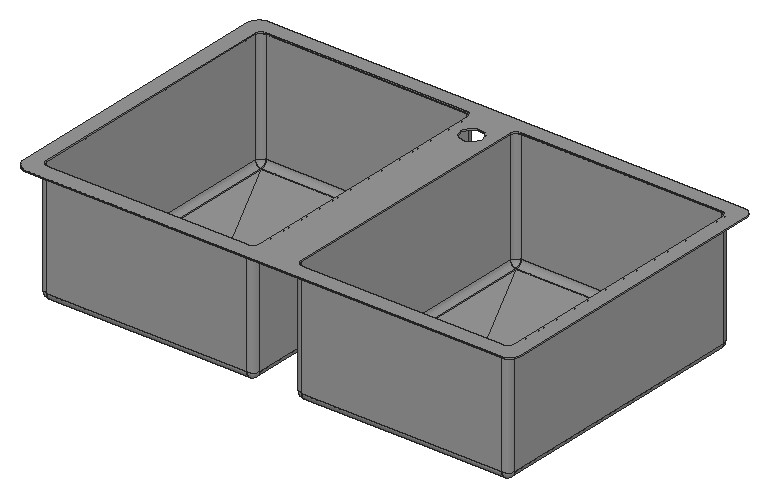
Revit family "BUILDMAT-TLAN013-Jack 820-Tap-Landing-Stainless-Steel", category Plumbing Fixtures, host Face, Revit 2020
Family settings
  Host = Face
  Round Connector Dimension = Use Diameter
  Part Type = Normal
  Cut with Voids When Loaded = No
  Shared = No
  Room Calculation Point = No
Parameters (values of type "Jack 820x500x205mm")
  Width 2 = 350.0 mm
  Width 1 = 350.0 mm
  Undermount [instance] = 20.0 mm
  URL = "https://www.buildmat.com.au/products/jack-820-double-bowl-tap-landing-sink"
  Sound Pad 2 = yes
  Sound Pad 1 = yes
  Model = "TLAN013"  # constant formula
  Manufacturer's URL = "https://www.buildmat.com.au/"
  Manufacturer = "BUILDMAT"  # constant formula
  Length = 450.0 mm
  Gap = 70.0 mm
  Drain Sound Pad 2 = yes
  Drain Sound Pad 1 = yes
  Description = "BUILDMAT - Jack 820x500 Double Bowl with Tap Landing Sink"  # constant formula
  Depth = 205.0 mm
  Default Elevation = 1200.0 mm
  D. S. Pad 2 = 230.0 mm
  D. S. Pad 1 = 230.0 mm
  D. Bracket 4 = 50.0 mm
  D. Bracket 3 = 100.0 mm
  D. Bracket 2 = 100.0 mm
  D. Bracket 1 = 50.0 mm
  Created By URL = "https://www.buildmat.com.au/"
  Created By = "BUILDMAT"  # constant formula
  Created = "22.06.2022"  # constant formula
  Bracket 4 = yes
  Bracket 3 = yes
  Bracket 2 = yes
  Bracket 1 = yes
  Material = BUILDMAT Stainless Steel
Reference planes
  plane 1 "Center (Front/Back)": y = 0
  plane 2: z = 0
  plane 3 "Center (Left/Right)": x = 0
  plane 4: x = -35
  plane 5: x = 35
  plane 6: x = -385
  plane 7: x = 385
  plane 8: y = -225
  plane 9: y = 225
  plane 10: x = -410
  plane 11: x = 410
  plane 12: y = -250
  plane 13: y = 250
  plane 14: x = 210
  plane 15: x = -210
  plane 16: y = 215
  plane 17: y = -215
  plane 18: x = -375
  plane 19: x = -45
  plane 20: x = 45
  plane 21: x = 375
  plane 22: y = 226.5
  plane 23: y = -226.5
  plane 24: x = -386.5
  plane 25: x = -33.5
  plane 26: x = 33.5
  plane 27: x = 386.5
  plane 28: x = -267
  plane 29: x = -153
  plane 30: x = -165
  plane 31: x = -255
  plane 32: x = 153
  plane 33: x = 165
  plane 34: x = 255
  plane 35: x = 267
  plane 36 "Top Substrate": z = -20
  plane 37: z = -18.5
  plane 38 "Bottom Void": z = -225
  plane 39: z = -215
  plane 40: z = -205
  plane 41: z = -220
  plane 42: z = -221.481
  plane 43: z = -216.5
  plane 44 "Sound Pad": z = -125
  plane 45 "Bracket 1": x = -335
  plane 46 "Bracket 4": x = 335
  plane 47: y = 125
  plane 48: y = -125
  plane 49: x = -310
  plane 50: x = -110
  plane 51: x = 110
  plane 52: x = 310
  plane 53: z = -185
  plane 54: z = -165
  plane 55: y = 180
Forms (mm)
  Extrusion 1, void
    sketch origin (0, 0, 0) x (1, 0, 0) y (0, 1, 0)
      loop
        arc (-375, 225) -> (-382.071, 222.071) -> (-385, 215) r 10
        line (-385, 215) -> (-385, -215)
        arc (-385, -215) -> (-382.071, -222.071) -> (-375, -225) r 10
        line (-375, -225) -> (375, -225)
        arc (375, -225) -> (382.071, -222.071) -> (385, -215) r 10
        line (385, -215) -> (385, 215)
        arc (385, 215) -> (382.071, 222.071) -> (375, 225) r 10
        line (375, 225) -> (-375, 225)
    from 0 to -18.5
  Extrusion 2, void
    sketch origin (0, 0, 0) x (1, 0, 0) y (0, 1, 0)
      loop
        arc (-390, 250) -> (-404.142, 244.142) -> (-410, 230) r 20
        line (-410, 230) -> (-410, -230)
        arc (-410, -230) -> (-404.142, -244.142) -> (-390, -250) r 20
        line (-390, -250) -> (390, -250)
        arc (390, -250) -> (404.142, -244.142) -> (410, -230) r 20
        line (410, -230) -> (410, 230)
        arc (410, 230) -> (404.142, 244.142) -> (390, 250) r 20
        line (390, 250) -> (-390, 250)
    from -20 to -18.5
  Extrusion 3, void
    sketch origin (0, 0, 0) x (1, 0, 0) y (0, 1, 0)
      loop
        line (-386.5, 226.5) -> (-386.5, -226.5) -> (386.5, -226.5) -> (386.5, 226.5) -> (-386.5, 226.5)
    from -225 to -20
  Extrusion 4, solid, material "BUILDMAT Stainless Steel" <- "Material"
    sketch origin (0, 0, -20) x (-1, 0, 0) y (0, -1, 0)
      loop
        arc (390, -250) -> (404.142, -244.142) -> (410, -230) r 20
        line (410, -230) -> (410, 230)
        arc (410, 230) -> (404.142, 244.142) -> (390, 250) r 20
        line (390, 250) -> (-390, 250)
        arc (-390, 250) -> (-404.142, 244.142) -> (-410, 230) r 20
        line (-410, 230) -> (-410, -230)
        arc (-410, -230) -> (-404.142, -244.142) -> (-390, -250) r 20
        line (-390, -250) -> (390, -250)
      loop
        arc (375, -225) -> (382.071, -222.071) -> (385, -215) r 10
        line (385, -215) -> (385, 215)
        arc (385, 215) -> (382.071, 222.071) -> (375, 225) r 10
        line (375, 225) -> (45, 225)
        arc (45, 225) -> (37.929, 222.071) -> (35, 215) r 10
        line (35, 215) -> (35, -215)
        arc (35, -215) -> (37.929, -222.071) -> (45, -225) r 10
        line (45, -225) -> (375, -225)
      loop
        line (-35, -215) -> (-35, 215)
        arc (-35, 215) -> (-37.929, 222.071) -> (-45, 225) r 10
        line (-45, 225) -> (-375, 225)
        arc (-375, 225) -> (-382.071, 222.071) -> (-385, 215) r 10
        line (-385, 215) -> (-385, -215)
        arc (-385, -215) -> (-382.071, -222.071) -> (-375, -225) r 10
        line (-375, -225) -> (-45, -225)
        arc (-45, -225) -> (-37.929, -222.071) -> (-35, -215) r 10
    from 0 to 1.5
  Extrusion 5, solid, material "BUILDMAT Stainless Steel" <- "Material"
    sketch origin (0, 0, -20) x (-1, 0, 0) y (0, -1, 0)
      loop
        arc (375, -225) -> (382.071, -222.071) -> (385, -215) r 10
        line (385, -215) -> (385, 215)
        arc (385, 215) -> (382.071, 222.071) -> (375, 225) r 10
        line (375, 225) -> (45, 225)
        arc (45, 225) -> (37.929, 222.071) -> (35, 215) r 10
        line (35, 215) -> (35, -215)
        arc (35, -215) -> (37.929, -222.071) -> (45, -225) r 10
        line (45, -225) -> (375, -225)
      loop
        arc (375, -226.5) -> (383.132, -223.132) -> (386.5, -215) r 11.5
        line (386.5, -215) -> (386.5, 215)
        arc (386.5, 215) -> (383.132, 223.132) -> (375, 226.5) r 11.5
        line (375, 226.5) -> (45, 226.5)
        arc (45, 226.5) -> (36.868, 223.132) -> (33.5, 215) r 11.5
        line (33.5, 215) -> (33.5, -215)
        arc (33.5, -215) -> (36.868, -223.132) -> (45, -226.5) r 11.5
        line (45, -226.5) -> (375, -226.5)
    from 0 to -185
  Extrusion 6, solid, material "BUILDMAT Stainless Steel" <- "Material"
    sketch origin (0, 0, -20) x (-1, 0, 0) y (0, -1, 0)
      loop
        arc (-45, -225) -> (-37.929, -222.071) -> (-35, -215) r 10
        line (-35, -215) -> (-35, 215)
        arc (-35, 215) -> (-37.929, 222.071) -> (-45, 225) r 10
        line (-45, 225) -> (-375, 225)
        arc (-375, 225) -> (-382.071, 222.071) -> (-385, 215) r 10
        line (-385, 215) -> (-385, -215)
        arc (-385, -215) -> (-382.071, -222.071) -> (-375, -225) r 10
        line (-375, -225) -> (-45, -225)
      loop
        line (-33.5, -215) -> (-33.5, 215)
        arc (-33.5, 215) -> (-36.868, 223.132) -> (-45, 226.5) r 11.5
        line (-45, 226.5) -> (-375, 226.5)
        arc (-375, 226.5) -> (-383.132, 223.132) -> (-386.5, 215) r 11.5
        line (-386.5, 215) -> (-386.5, -215)
        arc (-386.5, -215) -> (-383.132, -223.132) -> (-375, -226.5) r 11.5
        line (-375, -226.5) -> (-45, -226.5)
        arc (-45, -226.5) -> (-36.868, -223.132) -> (-33.5, -215) r 11.5
    from 0 to -185
  Extrusion 7, solid, material "BUILDMAT Stainless Steel" <- "Material"
    sketch origin (0, 0, 0) x (1, 0, 0) y (0, 0, 1)
      loop
        line (-385, -205) -> (-386.5, -205)
        arc (-386.5, -205) -> (-383.132, -213.132) -> (-375, -216.5) r 11.5
        line (-375, -216.5) -> (-375, -215)
        arc (-375, -215) -> (-382.071, -212.071) -> (-385, -205) r 10
    from -215 to 215
  Extrusion 8, solid, material "BUILDMAT Stainless Steel" <- "Material"
    sketch origin (0, 0, 0) x (1, 0, 0) y (0, 0, 1)
      loop
        arc (-35, -205) -> (-37.929, -212.071) -> (-45, -215) r 10
        line (-45, -215) -> (-45, -216.5)
        arc (-45, -216.5) -> (-36.868, -213.132) -> (-33.5, -205) r 11.5
        line (-33.5, -205) -> (-35, -205)
    from -215 to 215
  Extrusion 9, solid, material "BUILDMAT Stainless Steel" <- "Material"
    sketch origin (0, 0, 0) x (1, 0, 0) y (0, 0, 1)
      loop
        line (35, -205) -> (33.5, -205)
        arc (33.5, -205) -> (36.868, -213.132) -> (45, -216.5) r 11.5
        line (45, -216.5) -> (45, -215)
        arc (45, -215) -> (37.929, -212.071) -> (35, -205) r 10
    from -215 to 215
  Extrusion 10, solid, material "BUILDMAT Stainless Steel" <- "Material"
    sketch origin (0, 0, 0) x (1, 0, 0) y (0, 0, 1)
      loop
        arc (385, -205) -> (382.071, -212.071) -> (375, -215) r 10
        line (375, -215) -> (375, -216.5)
        arc (375, -216.5) -> (383.132, -213.132) -> (386.5, -205) r 11.5
        line (386.5, -205) -> (385, -205)
    from -215 to 215
  Extrusion 11, solid, material "BUILDMAT Stainless Steel" <- "Material"
    sketch origin (0, 0, 0) x (0, 1, 0) y (0, 0, 1)
      loop
        line (226.5, -205) -> (225, -205)
        arc (225, -205) -> (222.071, -212.071) -> (215, -215) r 10
        line (215, -215) -> (215, -216.5)
        arc (215, -216.5) -> (223.132, -213.132) -> (226.5, -205) r 11.5
    from 45 to 375
  Extrusion 12, solid, material "BUILDMAT Stainless Steel" <- "Material"
    sketch origin (0, 0, 0) x (0, 1, 0) y (0, 0, 1)
      loop
        line (-225, -205) -> (-226.5, -205)
        arc (-226.5, -205) -> (-223.132, -213.132) -> (-215, -216.5) r 11.5
        line (-215, -216.5) -> (-215, -215)
        arc (-215, -215) -> (-222.071, -212.071) -> (-225, -205) r 10
    from 45 to 375
  Extrusion 13, solid, material "BUILDMAT Stainless Steel" <- "Material"
    sketch origin (0, 0, 0) x (0, 1, 0) y (0, 0, 1)
      loop
        arc (225, -205) -> (222.071, -212.071) -> (215, -215) r 10
        line (215, -215) -> (215, -216.5)
        arc (215, -216.5) -> (223.132, -213.132) -> (226.5, -205) r 11.5
        line (226.5, -205) -> (225, -205)
    from -375 to -45
  Extrusion 14, solid, material "BUILDMAT Stainless Steel" <- "Material"
    sketch origin (0, 0, 0) x (0, 1, 0) y (0, 0, 1)
      loop
        line (-225, -205) -> (-226.5, -205)
        arc (-226.5, -205) -> (-223.132, -213.132) -> (-215, -216.5) r 11.5
        line (-215, -216.5) -> (-215, -215)
        arc (-215, -215) -> (-222.071, -212.071) -> (-225, -205) r 10
    from -375 to -45
  Revolve 15, solid, material "BUILDMAT Stainless Steel" <- "Material"
    sketch origin (-423.435, 215, 4000) x (-1, 0, 0) y (0, 0, 1)
      loop
        arc (-38.435, -4205) -> (-41.364, -4212.071) -> (-48.435, -4215) r 10
        line (-48.435, -4215) -> (-48.435, -4216.5)
        arc (-48.435, -4216.5) -> (-40.304, -4213.132) -> (-36.935, -4205) r 11.5
        line (-36.935, -4205) -> (-38.435, -4205)
      axis (-48.435, -4205) -> (-48.435, -4216.5)
    angle from -90 to 0
  Revolve 16, solid, material "BUILDMAT Stainless Steel" <- "Material"
    sketch origin (-423.435, 215, 4000) x (-1, 0, 0) y (0, 0, 1)
      loop
        line (-388.435, -4205) -> (-389.935, -4205)
        arc (-389.935, -4205) -> (-386.567, -4213.132) -> (-378.435, -4216.5) r 11.5
        line (-378.435, -4216.5) -> (-378.435, -4215)
        arc (-378.435, -4215) -> (-385.506, -4212.071) -> (-388.435, -4205) r 10
      axis (-378.435, -4205) -> (-378.435, -4216.5)
    angle from -90 to 0
  Revolve 17, solid, material "BUILDMAT Stainless Steel" <- "Material"
    sketch origin (-423.435, 215, 4000) x (-1, 0, 0) y (0, 0, 1)
      loop
        arc (-458.435, -4205) -> (-461.364, -4212.071) -> (-468.435, -4215) r 10
        line (-468.435, -4215) -> (-468.435, -4216.5)
        arc (-468.435, -4216.5) -> (-460.304, -4213.132) -> (-456.935, -4205) r 11.5
        line (-456.935, -4205) -> (-458.435, -4205)
      axis (-468.435, -4205) -> (-468.435, -4216.5)
    angle from -90 to 0
  Revolve 18, solid, material "BUILDMAT Stainless Steel" <- "Material"
    sketch origin (-423.435, 215, 4000) x (-1, 0, 0) y (0, 0, 1)
      loop
        line (-808.435, -4205) -> (-809.935, -4205)
        arc (-809.935, -4205) -> (-806.567, -4213.132) -> (-798.435, -4216.5) r 11.5
        line (-798.435, -4216.5) -> (-798.435, -4215)
        arc (-798.435, -4215) -> (-805.506, -4212.071) -> (-808.435, -4205) r 10
      axis (-798.435, -4205) -> (-798.435, -4216.5)
    angle from -90 to 0
  Revolve 19, solid, material "BUILDMAT Stainless Steel" <- "Material"
    sketch origin (-423.435, -215, 4000) x (-1, 0, 0) y (0, 0, 1)
      loop
        arc (-38.435, -4205) -> (-41.364, -4212.071) -> (-48.435, -4215) r 10
        line (-48.435, -4215) -> (-48.435, -4216.5)
        arc (-48.435, -4216.5) -> (-40.304, -4213.132) -> (-36.935, -4205) r 11.5
        line (-36.935, -4205) -> (-38.435, -4205)
      axis (-48.435, -4205) -> (-48.435, -4216.5)
    angle from 0 to 90
  Revolve 20, solid, material "BUILDMAT Stainless Steel" <- "Material"
    sketch origin (-423.435, -215, 4000) x (-1, 0, 0) y (0, 0, 1)
      loop
        arc (-389.935, -4205) -> (-386.567, -4213.132) -> (-378.435, -4216.5) r 11.5
        line (-378.435, -4216.5) -> (-378.435, -4215)
        arc (-378.435, -4215) -> (-385.506, -4212.071) -> (-388.435, -4205) r 10
        line (-388.435, -4205) -> (-389.935, -4205)
      axis (-378.435, -4205) -> (-378.435, -4216.5)
    angle from 0 to 90
  Revolve 21, solid, material "BUILDMAT Stainless Steel" <- "Material"
    sketch origin (-423.435, -215, 4000) x (-1, 0, 0) y (0, 0, 1)
      loop
        line (-456.935, -4205) -> (-458.435, -4205)
        arc (-458.435, -4205) -> (-461.364, -4212.071) -> (-468.435, -4215) r 10
        line (-468.435, -4215) -> (-468.435, -4216.5)
        arc (-468.435, -4216.5) -> (-460.304, -4213.132) -> (-456.935, -4205) r 11.5
      axis (-468.435, -4205) -> (-468.435, -4216.5)
    angle from 0 to 90
  Revolve 22, solid, material "BUILDMAT Stainless Steel" <- "Material"
    sketch origin (-423.435, -215, 4000) x (-1, 0, 0) y (0, 0, 1)
      loop
        arc (-809.935, -4205) -> (-806.567, -4213.132) -> (-798.435, -4216.5) r 11.5
        line (-798.435, -4216.5) -> (-798.435, -4215)
        arc (-798.435, -4215) -> (-805.506, -4212.071) -> (-808.435, -4205) r 10
        line (-808.435, -4205) -> (-809.935, -4205)
      axis (-798.435, -4205) -> (-798.435, -4216.5)
    angle from 0 to 90
  Extrusion 23, solid, material "BUILDMAT Stainless Steel" <- "Material"
    sketch origin (0, 0, -20) x (-1, 0, 0) y (0, -1, 0)
      loop
        line (45, -215) -> (375, -215) -> (375, 215) -> (45, 215) -> (45, -215)
    from -196.5 to -195
  Extrusion 24, solid, material "BUILDMAT Stainless Steel" <- "Material"
    sketch origin (0, 0, -20) x (-1, 0, 0) y (0, -1, 0)
      loop
        line (-45, -215) -> (-45, 215) -> (-375, 215) -> (-375, -215) -> (-45, -215)
    from -196.5 to -195
  Blend 25, solid, material "BUILDMAT Stainless Steel" <- "Material"
    base sketch origin (0, 0, -20) x (-1, 0, 0) y (0, -1, 0)
      loop
        circle (210, 0) r 57
    top sketch origin (0, 0, -20) x (-1, 0, 0) y (0, -1, 0)
      loop
        line (375, -215) -> (375, 215) -> (45, 215) -> (45, -215) -> (375, -215)
    from -201.481 to -196.5
  Blend 26, solid, material "BUILDMAT Stainless Steel" <- "Material"
    base sketch origin (0, 0, -20) x (-1, 0, 0) y (0, -1, 0)
      loop
        circle (-210, 0) r 57
    top sketch origin (0, 0, -20) x (-1, 0, 0) y (0, -1, 0)
      loop
        line (-45, -215) -> (-45, 215) -> (-375, 215) -> (-375, -215) -> (-45, -215)
    from -201.481 to -196.5
  Blend 27, void
    base sketch origin (0, 0, -20) x (-1, 0, 0) y (0, -1, 0)
      loop
        circle (210, 0) r 57
    top sketch origin (0, 0, -20) x (-1, 0, 0) y (0, -1, 0)
      loop
        line (375, -215) -> (375, 215) -> (45, 215) -> (45, -215) -> (375, -215)
    from -200 to -195
  Blend 28, void
    base sketch origin (0, 0, -20) x (-1, 0, 0) y (0, -1, 0)
      loop
        circle (-210, 0) r 57
    top sketch origin (0, 0, -20) x (-1, 0, 0) y (0, -1, 0)
      loop
        line (-45, -215) -> (-45, 215) -> (-375, 215) -> (-375, -215) -> (-45, -215)
    from -200 to -195
  Extrusion 29, void
    sketch origin (0, 0, -225) x (-1, 0, 0) y (0, -1, 0)
      loop
        circle (210, 0) r 57
    from 0 to 5
  Extrusion 30, void
    sketch origin (0, 0, -225) x (-1, 0, 0) y (0, -1, 0)
      loop
        circle (-210, 0) r 57
    from 0 to 5
  Revolve 31, solid, material "BUILDMAT Stainless Steel" <- "Material"
    sketch origin (0, 0, 0) x (1, 0, 0) y (0, 0, 1)
      loop
        spline (-267, -220) -> (-266.897, -220.653) -> (-266.591, -221.294) -> (-266.087, -221.913) -> (-265.392, -222.5) -> (-264.52, -223.044) -> (-263.485, -223.536) -> (-262.305, -223.967) -> (-261, -224.33) -> (-259.592, -224.619) -> (-258.106, -224.83) -> (-256.566, -224.957) -> (-255, -225)
        line (-255, -225) -> (-255, -223.5)
        spline (-255, -223.5) -> (-256.371, -223.47) -> (-257.718, -223.381) -> (-259.018, -223.234) -> (-260.25, -223.031) -> (-261.392, -222.777) -> (-262.425, -222.475) -> (-263.33, -222.131) -> (-264.093, -221.75) -> (-264.701, -221.339) -> (-265.142, -220.906) -> (-265.41, -220.457) -> (-265.5, -220)
        line (-265.5, -220) -> (-267, -220)
      axis (-210, -225) -> (-210, -220)
    angle from 0 to 360
  Revolve 32, solid, material "BUILDMAT Stainless Steel" <- "Material"
    sketch origin (0, 0, 0) x (1, 0, 0) y (0, 0, 1)
      loop
        line (267, -220) -> (265.5, -220)
        spline (265.5, -220) -> (265.41, -220.457) -> (265.142, -220.906) -> (264.701, -221.339) -> (264.093, -221.75) -> (263.33, -222.131) -> (262.425, -222.475) -> (261.392, -222.777) -> (260.25, -223.031) -> (259.018, -223.234) -> (257.718, -223.381) -> (256.371, -223.47) -> (255, -223.5)
        line (255, -223.5) -> (255, -225)
        spline (255, -225) -> (256.566, -224.957) -> (258.106, -224.83) -> (259.592, -224.619) -> (261, -224.33) -> (262.305, -223.967) -> (263.485, -223.536) -> (264.52, -223.044) -> (265.392, -222.5) -> (266.087, -221.913) -> (266.591, -221.294) -> (266.897, -220.653) -> (267, -220)
      axis (210, -220) -> (210, -225)
    angle from 0 to 360
  Extrusion 33, void
    sketch origin (0, 0, -20) x (-1, 0, 0) y (0, -1, 0)
      loop
        circle (0, -180) r 17.5
    from 0 to 1.5
Cuts and joins
  Blend 27, Extrusion 29 cuts Extrusion 23
  Blend 27, Extrusion 29 cuts Blend 25
  joined: Extrusion 23, Blend 25
  Blend 28, Extrusion 30 cuts Extrusion 24
  Blend 28, Extrusion 30 cuts Blend 26
  joined: Extrusion 24, Blend 26
  Extrusion 33 cuts Extrusion 4
Lines and regions (mm)
  Masking region 1
    outline origin (0, 0, 0) x (1, 0, 0) y (0, 0, 1)
      loop
        line (-385, -20) -> (-385, -205)
        arc (-385, -205) -> (-382.071, -212.071) -> (-375, -215) r 10
        line (-375, -215) -> (-267, -220) -> (-153, -220) -> (-45, -215)
        arc (-45, -215) -> (-37.929, -212.071) -> (-35, -205) r 10
        line (-35, -205) -> (-35, -20) -> (-385, -20)
  Masking region 2
    outline origin (0, 0, 0) x (1, 0, 0) y (0, 0, 1)
      loop
        line (35, -20) -> (35, -205)
        arc (35, -205) -> (37.609, -211.736) -> (44.076, -214.957) r 10
        line (44.076, -214.957) -> (153, -220) -> (267, -220) -> (375, -215)
        arc (375, -215) -> (382.071, -212.071) -> (385, -205) r 10
        line (385, -205) -> (385, -20) -> (35, -20)
  Masking region 3, visible <- "Drain Sound Pad 1"
    outline origin (0, 0, 0) x (1, 0, 0) y (0, 0, 1)
      loop
        line (-267, -221.481) -> (-310, -219.498) -> (-310, -225) -> (-267, -225) -> (-267, -221.481)
  Masking region 4, visible <- "Drain Sound Pad 1"
    outline origin (0, 0, 0) x (1, 0, 0) y (0, 0, 1)
      loop
        line (-153, -221.481) -> (-153, -225) -> (-110, -225) -> (-110, -219.498) -> (-153, -221.481)
  Masking region 5, visible <- "Drain Sound Pad 2"
    outline origin (0, 0, 0) x (1, 0, 0) y (0, 0, 1)
      loop
        line (110, -219.498) -> (110, -225) -> (153, -225) -> (153, -221.481) -> (110, -219.498)
  Masking region 6, visible <- "Drain Sound Pad 2"
    outline origin (0, 0, 0) x (1, 0, 0) y (0, 0, 1)
      loop
        line (310, -219.498) -> (267, -221.481) -> (267, -225) -> (310, -225) -> (310, -219.498)
  Masking region 7
    outline origin (0, 0, 0) x (1, 0, 0) y (0, 0, 1)
      loop
        line (-33.5, -165) -> (-33.5, -185) -> (33.5, -185) -> (33.5, -165) -> (-33.5, -165)
Text (mm)
  text "Refer to www.buildmat.com.au for the most current product literature. \nAllow a +/- 5mm tolerance for dimensions shown in the product literature. \nPlease note product details are subject to change due to ongoing product development." at (0.056, -1035.857, 0), in view "Ref. Level"
Dimensions and locks
  equal spacing: plane 4, plane 3 "Center (Left/Right)", plane 5
  "Gap": plane 4 to plane 5
  "Width 1": plane 6 to plane 4
  "Width 2": plane 5 to plane 7
  equal spacing: plane 9, plane 1 "Center (Front/Back)", plane 8
  "Length": plane 8 to plane 9
  locked: plane 10 to plane 6 at 25
  locked: plane 7 to plane 11 at 25
  locked: plane 13 to plane 9 at 25
  locked: plane 8 to plane 12 at 25
  equal spacing: plane 5, plane 14, plane 7
  equal spacing: plane 6, plane 15, plane 4
  locked: plane 9 to plane 16 at 10
  locked: plane 17 to plane 8 at 10
  locked: plane 6 to plane 18 at 10
  locked: plane 19 to plane 4 at 10
  locked: plane 5 to plane 20 at 10
  locked: plane 21 to plane 7 at 10
  locked: plane 8 to plane 23 at 1.5
  locked: plane 22 to plane 9 at 1.5
  locked: plane 24 to plane 6 at 1.5
  locked: plane 4 to plane 25 at 1.5
  locked: plane 26 to plane 5 at 1.5
  locked: plane 7 to plane 27 at 1.5
  plane 28 to plane 15 to plane 29 = 57.0 mm locked, 57.0 mm locked
  plane 31 to plane 15 to plane 30 = 45.0 mm locked, 45.0 mm locked
  plane 32 to plane 14 to plane 35 = 57.0 mm locked, 57.0 mm locked
  plane 33 to plane 14 to plane 34 = 45.0 mm locked, 45.0 mm locked
  locked: plane 37 to plane 36 "Top Substrate" at 1.5
  plane 40 to plane 39 to plane 38 "Bottom Void" = 10.0 mm locked, 10.0 mm locked
  locked: plane 41 to plane 38 "Bottom Void" at 5
  locked: plane 41 to plane 42 at 1.481
  locked: plane 39 to plane 43 at 1.5
  locked: plane 44 "Sound Pad" to plane 38 "Bottom Void" at 100
  "Depth": plane 36 "Top Substrate" to plane 38 "Bottom Void"
  "Undermount": plane 2 to plane 36 "Top Substrate"
  locked: plane 45 "Bracket 1" to plane 6 at 50
  locked: plane 7 to plane 46 "Bracket 4" at 50
  locked: plane 9 to plane 47 at 100
  locked: plane 48 to plane 8 at 100
  plane 50 to plane 15 to plane 49 = 100.0 mm locked, 100.0 mm locked
  plane 52 to plane 14 to plane 51 = 100.0 mm locked, 100.0 mm locked
  plane 54 to plane 53 to plane 40 = 20.0 mm locked, 20.0 mm locked
  locked: plane 13 to plane 55 at 70
  aligned and locked: plane 2 to host face
  aligned and locked: level to host face
  aligned and locked: Extrusion 1 sketch curve to plane 9
  aligned and locked: Extrusion 1 sketch curve to plane 6
  aligned and locked: Extrusion 1 sketch curve to plane 7
  aligned and locked: Extrusion 1 sketch curve to plane 8
  aligned and locked: Extrusion 1 to level
  aligned and locked: Extrusion 1 to plane 37
  aligned and locked: Extrusion 2 sketch curve to plane 13
  aligned and locked: Extrusion 2 sketch curve to plane 10
  aligned and locked: Extrusion 2 sketch curve to plane 11
  aligned and locked: Extrusion 2 sketch curve to plane 12
  aligned and locked: Extrusion 2 to plane 36 "Top Substrate"
  aligned and locked: Extrusion 2 to plane 37
  aligned and locked: Extrusion 3 sketch curve to plane 22
  aligned and locked: Extrusion 3 sketch curve to plane 24
  aligned and locked: Extrusion 3 sketch curve to plane 27
  aligned and locked: Extrusion 3 sketch curve to plane 23
  aligned and locked: Extrusion 3 to plane 38 "Bottom Void"
  aligned and locked: plane 36 "Top Substrate" to Extrusion 3
  aligned and locked: Extrusion 4 sketch curve to plane 13
  aligned and locked: Extrusion 4 sketch curve to plane 10
  aligned and locked: Extrusion 4 sketch curve to plane 11
  aligned and locked: Extrusion 4 sketch curve to plane 12
  aligned and locked: Extrusion 4 sketch curve to plane 9  (x2)
  aligned and locked: Extrusion 4 sketch curve to plane 6
  aligned and locked: Extrusion 4 sketch curve to plane 8  (x2)
  aligned and locked: Extrusion 4 sketch curve to plane 4
  aligned and locked: Extrusion 4 sketch curve to plane 5
  aligned and locked: Extrusion 4 sketch curve to plane 7
  aligned and locked: Extrusion 4 to plane 36 "Top Substrate"
  aligned and locked: Extrusion 4 to plane 37
  aligned and locked: Extrusion 5 sketch curve to plane 9
  aligned and locked: Extrusion 5 sketch curve to plane 22
  aligned and locked: Extrusion 5 sketch curve to plane 6
  aligned and locked: Extrusion 5 sketch curve to plane 24
  aligned and locked: Extrusion 5 sketch curve to plane 25
  aligned and locked: Extrusion 5 sketch curve to plane 4
  aligned and locked: Extrusion 5 sketch curve to plane 23
  aligned and locked: Extrusion 5 sketch curve to plane 8
  aligned and locked: Extrusion 5 to plane 40
  aligned and locked: plane 36 "Top Substrate" to Extrusion 5
  aligned and locked: Extrusion 6 sketch curve to plane 9
  aligned and locked: Extrusion 6 sketch curve to plane 7
  aligned and locked: Extrusion 6 sketch curve to plane 8
  aligned and locked: Extrusion 6 sketch curve to plane 5
  aligned and locked: Extrusion 6 sketch curve to plane 26
  aligned and locked: Extrusion 6 sketch curve to plane 27
  aligned and locked: Extrusion 6 sketch curve to plane 22
  aligned and locked: Extrusion 6 sketch curve to plane 23
  aligned and locked: Extrusion 6 to plane 40
  aligned and locked: plane 36 "Top Substrate" to Extrusion 6
  aligned and locked: Extrusion 7 sketch curve to plane 40
  aligned and locked: Extrusion 7 sketch curve to plane 18
  aligned and locked: Extrusion 8 sketch curve to plane 40
  aligned and locked: Extrusion 8 sketch curve to plane 19
  aligned and locked: Extrusion 9 sketch curve to plane 40
  aligned and locked: Extrusion 9 sketch curve to plane 20
  aligned and locked: Extrusion 10 sketch curve to plane 21
  aligned and locked: plane 40 to Extrusion 10 sketch curve
  aligned and locked: plane 16 to Extrusion 10
  aligned and locked: plane 16 to Extrusion 9
  aligned and locked: plane 16 to Extrusion 8
  aligned and locked: plane 16 to Extrusion 7
  aligned and locked: Extrusion 10 to plane 17
  aligned and locked: Extrusion 9 to plane 17
  aligned and locked: Extrusion 8 to plane 17
  aligned and locked: Extrusion 7 to plane 17
  aligned and locked: plane 40 to Extrusion 11 sketch curve
  aligned and locked: plane 16 to Extrusion 11 sketch curve
  aligned and locked: plane 17 to Extrusion 12 sketch curve
  aligned and locked: plane 40 to Extrusion 12 sketch curve
  aligned and locked: plane 21 to Extrusion 11
  aligned and locked: plane 21 to Extrusion 12
  aligned and locked: Extrusion 11 to plane 20
  aligned and locked: Extrusion 12 to plane 20
  aligned and locked: plane 16 to Extrusion 13 sketch curve
  aligned and locked: plane 40 to Extrusion 13 sketch curve
  aligned and locked: plane 17 to Extrusion 14 sketch curve
  aligned and locked: plane 40 to Extrusion 14 sketch curve
  aligned and locked: Extrusion 14 to plane 18
  aligned and locked: plane 19 to Extrusion 14
  aligned and locked: Extrusion 13 to plane 18
  aligned and locked: plane 19 to Extrusion 13
  aligned and locked: Revolve 15 sketch curve to plane 18
  aligned and locked: plane 40 to Revolve 15 sketch curve
  aligned and locked: plane 18 to Revolve 15 sketch curve
  aligned and locked: plane 18 to Revolve 15
  aligned and locked: plane 16 to Revolve 15
  aligned and locked: Revolve 16 sketch curve to plane 19
  aligned and locked: plane 19 to Revolve 16 sketch curve
  aligned and locked: plane 40 to Revolve 16 sketch curve
  aligned and locked: Revolve 16 to plane 19
  aligned and locked: plane 16 to Revolve 16
  aligned and locked: Revolve 17 sketch curve to plane 20
  aligned and locked: plane 40 to Revolve 17 sketch curve
  aligned and locked: plane 20 to Revolve 17 sketch curve
  aligned and locked: plane 20 to Revolve 17
  aligned and locked: plane 16 to Revolve 17
  aligned and locked: Revolve 18 sketch curve to plane 21
  aligned and locked: plane 21 to Revolve 18 sketch curve
  aligned and locked: plane 40 to Revolve 18 sketch curve
  aligned and locked: Revolve 18 to plane 21
  aligned and locked: Revolve 18 to plane 16
  aligned and locked: Revolve 19 sketch curve to plane 18
  aligned and locked: plane 40 to Revolve 19 sketch curve
  aligned and locked: plane 18 to Revolve 19 sketch curve
  aligned and locked: Revolve 19 to plane 18
  aligned and locked: plane 17 to Revolve 19
  aligned and locked: Revolve 20 sketch curve to plane 19
  aligned and locked: plane 40 to Revolve 20 sketch curve
  aligned and locked: plane 19 to Revolve 20 sketch curve
  aligned and locked: plane 19 to Revolve 20
  aligned and locked: plane 17 to Revolve 20
  aligned and locked: Revolve 21 sketch curve to plane 20
  aligned and locked: plane 40 to Revolve 21 sketch curve
  aligned and locked: plane 20 to Revolve 21 sketch curve
  aligned and locked: Revolve 21 to plane 20
  aligned and locked: plane 17 to Revolve 21
  aligned and locked: Revolve 22 sketch curve to plane 21
  aligned and locked: plane 40 to Revolve 22 sketch curve
  aligned and locked: plane 21 to Revolve 22 sketch curve
  aligned and locked: Revolve 22 to plane 17
  aligned and locked: plane 21 to Revolve 22
  aligned and locked: Extrusion 23 sketch curve to plane 19
  aligned and locked: Extrusion 23 sketch curve to plane 18
  aligned and locked: Extrusion 23 sketch curve to plane 16
  aligned and locked: Extrusion 23 sketch curve to plane 17
  aligned and locked: Extrusion 23 to plane 43
  aligned and locked: plane 39 to Extrusion 23
  aligned and locked: Extrusion 24 sketch curve to plane 16
  aligned and locked: Extrusion 24 sketch curve to plane 17
  aligned and locked: Extrusion 24 sketch curve to plane 21
  aligned and locked: Extrusion 24 sketch curve to plane 20
  aligned and locked: Extrusion 24 to plane 43
  aligned and locked: Extrusion 24 to plane 39
  aligned and locked: plane 42 to Blend 25
  aligned and locked: plane 43 to Blend 25
  aligned and locked: plane 42 to Blend 26
  aligned and locked: Blend 26 to plane 43
  aligned and locked: Blend 25 sketch curve to plane 16
  aligned and locked: Blend 25 sketch curve to plane 17
  aligned and locked: Blend 25 sketch curve to plane 18
  aligned and locked: Blend 25 sketch curve to plane 19
  aligned and locked: Blend 26 sketch curve to plane 16
  aligned and locked: Blend 26 sketch curve to plane 17
  aligned and locked: Blend 26 sketch curve to plane 21
  aligned and locked: Blend 26 sketch curve to plane 20
  aligned and locked: Blend 27 sketch curve to plane 16
  aligned and locked: Blend 27 sketch curve to plane 17
  aligned and locked: Blend 27 sketch curve to plane 18
  aligned and locked: Blend 27 sketch curve to plane 19
  aligned and locked: Blend 27 to plane 41
  aligned and locked: plane 39 to Blend 27
  aligned and locked: Blend 28 sketch curve to plane 16
  aligned and locked: Blend 28 sketch curve to plane 17
  aligned and locked: Blend 28 sketch curve to plane 21
  aligned and locked: Blend 28 sketch curve to plane 20
  aligned and locked: Blend 28 to plane 41
  aligned and locked: Blend 28 to plane 39
  aligned and locked: Extrusion 29 to plane 38 "Bottom Void"
  aligned and locked: plane 41 to Extrusion 29
  aligned and locked: Extrusion 30 to plane 38 "Bottom Void"
  aligned and locked: plane 41 to Extrusion 30
  aligned and locked: plane 15 to Revolve 31 sketch curve
  aligned and locked: Revolve 31 sketch curve to plane 41
  aligned and locked: plane 31 to Revolve 31 sketch curve
  aligned and locked: Revolve 32 sketch curve to plane 14
  aligned and locked: plane 34 to Revolve 32 sketch curve
  aligned and locked: plane 41 to Revolve 32 sketch curve
  aligned and locked: plane 18 to nested 1
  aligned and locked: plane 19 to nested 1
  aligned and locked: plane 17 to nested 1
  aligned and locked: plane 16 to nested 1
  aligned and locked: plane 20 to nested 2
  aligned and locked: plane 21 to nested 2
  aligned and locked: nested 2 to plane 17
  aligned and locked: nested 2 to plane 16
  aligned and locked: plane 14 to nested 4
  aligned and locked: plane 15 to nested 3
  aligned and locked: plane 1 "Center (Front/Back)" to nested 3
  aligned and locked: plane 1 "Center (Front/Back)" to nested 4
  aligned and locked: plane 47 to nested 5
  aligned and locked: plane 24 to nested 5
  aligned and locked: plane 48 to nested 6
  aligned and locked: plane 24 to nested 6
  aligned and locked: plane 47 to nested 7
  aligned and locked: plane 48 to nested 8
  aligned and locked: nested 8 to plane 27
  aligned and locked: nested 7 to plane 27
  aligned and locked: nested 12 to plane 45 "Bracket 1"
  aligned and locked: plane 23 to nested 12
  aligned and locked: plane 23 to nested 13
  aligned and locked: nested 14 to plane 46 "Bracket 4"
  aligned and locked: nested 14 to plane 23
  aligned and locked: plane 45 "Bracket 1" to nested 9
  aligned and locked: nested 9 to plane 22
  aligned and locked: nested 10 to plane 22
  aligned and locked: plane 46 "Bracket 4" to nested 11
  aligned and locked: plane 22 to nested 11
  aligned and locked: Masking region 1 sketch curve to plane 36 "Top Substrate"
  aligned and locked: Masking region 1 sketch curve to plane 6
  aligned and locked: Masking region 1 sketch curve to plane 4
  aligned and locked: Masking region 1 sketch curve to Extrusion 7
  aligned and locked: Masking region 1 sketch curve to Extrusion 8
  aligned and locked: Masking region 1 sketch curve to plane 41
  aligned and locked: Masking region 1 sketch curve to cut or joined group of Extrusion 23, Blend 25, Blend 27, Extrusion 29  (x2)
  aligned and locked: Masking region 2 sketch curve to plane 36 "Top Substrate"
  aligned and locked: Masking region 2 sketch curve to plane 41
  aligned and locked: Masking region 2 sketch curve to plane 7
  aligned and locked: Masking region 2 sketch curve to plane 5
  aligned and locked: Masking region 2 sketch curve to Extrusion 9
  aligned and locked: Masking region 2 sketch curve to cut or joined group of Extrusion 24, Blend 26, Blend 28, Extrusion 30  (x2)
  aligned and locked: Masking region 2 sketch curve to Extrusion 10
  aligned and locked: nested 15 to plane 36 "Top Substrate"
  aligned and locked: plane 45 "Bracket 1" to nested 15
  aligned and locked: nested 16 to plane 36 "Top Substrate"
  aligned and locked: plane 46 "Bracket 4" to nested 16
  aligned and locked: nested 17 to plane 44 "Sound Pad"
  aligned and locked: nested 18 to plane 44 "Sound Pad"
  aligned and locked: Masking region 3 sketch curve to plane 28
  aligned and locked: cut or joined group of Extrusion 23, Blend 25, Blend 27, Extrusion 29 to Masking region 3 sketch curve
  aligned and locked: Masking region 3 sketch curve to plane 38 "Bottom Void"
  aligned and locked: Masking region 3 sketch curve to plane 49
  aligned and locked: Masking region 4 sketch curve to plane 29
  aligned and locked: Masking region 4 sketch curve to plane 50
  aligned and locked: Masking region 4 sketch curve to plane 38 "Bottom Void"
  aligned and locked: Masking region 4 sketch curve to cut or joined group of Extrusion 23, Blend 25, Blend 27, Extrusion 29
  aligned and locked: cut or joined group of Extrusion 24, Blend 26, Blend 28, Extrusion 30 to Masking region 5 sketch curve
  aligned and locked: Masking region 5 sketch curve to plane 51
  aligned and locked: Masking region 5 sketch curve to plane 32
  aligned and locked: Masking region 5 sketch curve to plane 38 "Bottom Void"
  aligned and locked: Masking region 6 sketch curve to plane 52
  aligned and locked: Masking region 6 sketch curve to plane 35
  aligned and locked: Masking region 6 sketch curve to cut or joined group of Extrusion 24, Blend 26, Blend 28, Extrusion 30
  aligned and locked: Masking region 6 sketch curve to plane 38 "Bottom Void"
  aligned and locked: Masking region 7 sketch curve to plane 54
  aligned and locked: Masking region 7 sketch curve to plane 53
  aligned and locked: Masking region 7 sketch curve to plane 25
  aligned and locked: Masking region 7 sketch curve to plane 26
  aligned and locked: plane 14 to nested 18
  aligned and locked: plane 15 to nested 17
  aligned and locked: nested 19 to plane 36 "Top Substrate"
  aligned and locked: plane 3 "Center (Left/Right)" to nested 19
  aligned and locked: nested 13 to plane 3 "Center (Left/Right)"
  aligned and locked: plane 3 "Center (Left/Right)" to nested 10
  aligned and locked: Extrusion 33 to plane 36 "Top Substrate"
  aligned and locked: plane 37 to Extrusion 33
Automatic sketch dimensions
  host sketch curve to host sketch curve = 2438.4 mm  (x2)
  Extrusion 1 sketch curve to plane 17 = 0.0 mm
  Extrusion 1 sketch curve to plane 18 = 0.0 mm
  Extrusion 1 sketch curve to plane 21 = 0.0 mm
  Extrusion 1 sketch curve to plane 16 = 0.0 mm
  Extrusion 2 sketch curve to plane 24 = 3.5 mm
  Extrusion 2 sketch curve to plane 23 = 3.5 mm
  plane 22 to Extrusion 2 sketch curve = 3.5 mm
  plane 27 to Extrusion 2 sketch curve = 3.5 mm
  Extrusion 4 sketch curve to plane 21 = 0.0 mm
  Extrusion 4 sketch curve to plane 16 = 0.0 mm  (x2)
  Extrusion 4 sketch curve to plane 20 = 0.0 mm
  Extrusion 4 sketch curve to plane 19 = 0.0 mm  (x2)
  Extrusion 4 sketch curve to plane 18 = 0.0 mm  (x2)
  plane 27 to Extrusion 4 sketch curve = 3.5 mm  (x2)
  Extrusion 4 sketch curve to plane 24 = 3.5 mm
  plane 22 to Extrusion 4 sketch curve = 3.5 mm
  Extrusion 5 sketch curve to plane 19 = 0.0 mm
  Extrusion 5 sketch curve to plane 18 = 0.0 mm  (x2)
  Extrusion 5 sketch curve to plane 17 = 0.0 mm
  Extrusion 5 sketch curve to Extrusion 5 sketch curve = 0.0 mm  (x4)
  Extrusion 6 sketch curve to plane 21 = 0.0 mm
  Extrusion 6 sketch curve to plane 20 = 0.0 mm  (x2)
  Extrusion 6 sketch curve to plane 16 = 0.0 mm
  Extrusion 6 sketch curve to Extrusion 6 sketch curve = 0.0 mm  (x4)
  Extrusion 7 sketch curve to plane 6 = 0.0 mm
  Extrusion 7 sketch curve to plane 43 = 0.0 mm
  Extrusion 8 sketch curve to plane 4 = 0.0 mm
  Extrusion 8 sketch curve to plane 43 = 0.0 mm
  Extrusion 9 sketch curve to plane 5 = 0.0 mm
  Extrusion 9 sketch curve to plane 43 = 0.0 mm
  Extrusion 10 sketch curve to plane 7 = 0.0 mm
  Extrusion 10 sketch curve to plane 43 = 0.0 mm
  Extrusion 11 sketch curve to plane 9 = 0.0 mm
  Extrusion 11 sketch curve to plane 43 = 0.0 mm
  Extrusion 12 sketch curve to plane 8 = 0.0 mm
  Extrusion 12 sketch curve to plane 43 = 0.0 mm
  Extrusion 13 sketch curve to plane 9 = 0.0 mm
  Extrusion 13 sketch curve to plane 43 = 0.0 mm
  Extrusion 14 sketch curve to plane 8 = 0.0 mm
  Extrusion 14 sketch curve to plane 43 = 0.0 mm
  Revolve 15 sketch curve to plane 6 = 0.0 mm
  Revolve 15 sketch curve to plane 43 = 0.0 mm  (x2)
  Revolve 15 sketch curve to plane 40 = 0.0 mm
  Revolve 16 sketch curve to plane 4 = 0.0 mm
  Revolve 16 sketch curve to plane 43 = 0.0 mm  (x2)
  Revolve 16 sketch curve to plane 40 = 0.0 mm
  Revolve 17 sketch curve to plane 5 = 0.0 mm
  Revolve 17 sketch curve to plane 43 = 0.0 mm  (x2)
  Revolve 17 sketch curve to plane 40 = 0.0 mm
  Revolve 18 sketch curve to plane 7 = 0.0 mm
  Revolve 18 sketch curve to plane 43 = 0.0 mm  (x2)
  Revolve 18 sketch curve to plane 40 = 0.0 mm
  Revolve 19 sketch curve to plane 6 = 0.0 mm
  Revolve 19 sketch curve to plane 43 = 0.0 mm  (x2)
  Revolve 19 sketch curve to plane 40 = 0.0 mm
  Revolve 20 sketch curve to plane 4 = 0.0 mm
  Revolve 20 sketch curve to plane 43 = 0.0 mm  (x2)
  Revolve 20 sketch curve to plane 40 = 0.0 mm
  Revolve 21 sketch curve to plane 5 = 0.0 mm
  Revolve 21 sketch curve to plane 43 = 0.0 mm  (x2)
  Revolve 21 sketch curve to plane 40 = 0.0 mm
  Revolve 22 sketch curve to plane 7 = 0.0 mm
  Revolve 22 sketch curve to plane 43 = 0.0 mm  (x2)
  Revolve 22 sketch curve to plane 40 = 0.0 mm
  plane 1 "Center (Front/Back)" to Blend 25 sketch curve = 0.0 mm
  Blend 25 sketch curve to plane 15 = 0.0 mm
  plane 1 "Center (Front/Back)" to Blend 26 sketch curve = 0.0 mm
  Blend 26 sketch curve to plane 14 = 0.0 mm
  plane 1 "Center (Front/Back)" to Blend 27 sketch curve = 0.0 mm
  Blend 27 sketch curve to plane 15 = 0.0 mm
  plane 1 "Center (Front/Back)" to Blend 28 sketch curve = 0.0 mm
  Blend 28 sketch curve to plane 14 = 0.0 mm
  plane 1 "Center (Front/Back)" to Extrusion 29 sketch curve = 0.0 mm
  Extrusion 29 sketch curve to plane 15 = 0.0 mm
  plane 1 "Center (Front/Back)" to Extrusion 30 sketch curve = 0.0 mm
  Extrusion 30 sketch curve to plane 14 = 0.0 mm
  Revolve 31 sketch curve to plane 28 = 0.0 mm
  Revolve 31 sketch curve to plane 38 "Bottom Void" = 0.0 mm
  Revolve 31 sketch curve to plane 40 = 0.0 mm
  plane 28 to Revolve 31 sketch curve = 1.5 mm
  Revolve 31 sketch curve to Revolve 31 sketch curve = 1.5 mm
  plane 38 "Bottom Void" to Revolve 31 sketch curve = 0.0 mm
  Revolve 32 sketch curve to plane 35 = 0.0 mm
  Revolve 32 sketch curve to plane 38 "Bottom Void" = 0.0 mm
  Revolve 32 sketch curve to plane 40 = 0.0 mm
  Revolve 32 sketch curve to Revolve 32 sketch curve = 1.5 mm  (x2)
  plane 38 "Bottom Void" to Revolve 32 sketch curve = 0.0 mm
  Extrusion 33 sketch curve to plane 3 "Center (Left/Right)" = 0.0 mm
  Extrusion 33 sketch curve to plane 55 = 0.0 mm
  radius of Blend 25 sketch curve = 57.0 mm
  radius of Blend 26 sketch curve = 57.0 mm
  radius of Blend 27 sketch curve = 57.0 mm
  radius of Blend 28 sketch curve = 57.0 mm
  radius of Extrusion 29 sketch curve = 57.0 mm
  radius of Extrusion 30 sketch curve = 57.0 mm
  radius of Extrusion 33 sketch curve = 17.5 mm
Nested families
  nested 1: "BOWL Plan" at (-210, 0, -125), type "BOWL Plan"
    with Width 330.0 mm, Lenght 430.0 mm
  nested 2: "BOWL Plan" at (210, 0, -125), type "BOWL Plan"
    with Width 330.0 mm, Lenght 430.0 mm
  nested 3: "DRAIN" at (-210, 0, -20), type "DRAIN"
  nested 4: "DRAIN" at (210, 0, -20), type "DRAIN"
  nested 5: "TMB_Plan" at (-386.5, 125, -225) x (0, 1, 0) z (0, 0, 1), type "TMB_Plan"
  nested 6: "TMB_Plan" at (-386.5, -125, -225) x (0, 1, 0) z (0, 0, 1), type "TMB_Plan"
  nested 7: "TMB_Plan" at (386.5, 125, -225) x (0, -1, 0) z (0, 0, 1), type "TMB_Plan"
  nested 8: "TMB_Plan" at (386.5, -125, -225) x (0, -1, 0) z (0, 0, 1), type "TMB_Plan"
  nested 9: "TMB_Plan" at (-335, 226.5, -225), visible <- "Bracket 1", type "TMB_Plan"
  nested 10: "TMB_Plan" at (0, 226.5, -225), visible <- "Bracket 2", type "TMB_Plan"
  nested 11: "TMB_Plan" at (335, 226.5, -225), visible <- "Bracket 4", type "TMB_Plan"
  nested 12: "TMB_Plan" at (-335, -226.5, -225) x (-1, 0, 0) z (0, 0, 1), visible <- "Bracket 1", type "TMB_Plan"
  nested 13: "TMB_Plan" at (0, -226.5, -225) x (-1, 0, 0) z (0, 0, 1), visible <- "Bracket 2", type "TMB_Plan"
  nested 14: "TMB_Plan" at (335, -226.5, -225) x (-1, 0, 0) z (0, 0, 1), visible <- "Bracket 4", type "TMB_Plan"
  nested 15: "TMB_Front" at (-335, 0, -20) x (1, 0, 0) z (0, -1, 0), visible <- "Bracket 1", type "TMB_Front"
  nested 16: "TMB_Front" at (335, 0, -20) x (1, 0, 0) z (0, -1, 0), visible <- "Bracket 4", type "TMB_Front"
  nested 17: "SP_Front" at (-210, 0, -125) x (1, 0, 0) z (0, -1, 0), visible <- "Sound Pad 1", type "SP_Front"
  nested 18: "SP_Front" at (210, 0, -125) x (1, 0, 0) z (0, -1, 0), visible <- "Sound Pad 2", type "SP_Front"
  nested 19: "TMB_Front" at (0, 0, -20) x (1, 0, 0) z (0, -1, 0), visible <- "Bracket 1", type "TMB_Front"
Definition of nested family "BOWL Plan"
  Parameters (values of type "BOWL Plan")
    Width [instance] = 600.0 mm
    Lenght [instance] = 400.0 mm
  Reference planes
    plane 1 "Center (Front/Back)": y = 0
    plane 2: z = 0
    plane 3 "Center (Left/Right)": x = 0
    plane 4 "Left": x = -300
    plane 5 "Right": x = 300
    plane 6 "Back": y = 200
    plane 7 "Front": y = -200
  Lines and regions (mm)
    Masking region 1, in view "Ref. Level"
      outline origin (0, 0, 0) x (1, 0, 0) y (0, 1, 0)
        loop
          line (-300, 200) -> (-300, -200) -> (300, -200) -> (300, 200) -> (-300, 200)
    detail lines, in view "Ref. Level"
      curve 1: line (-300, 200, 0) -> (300, -200, 0)
      curve 2: line (-300, -200, 0) -> (300, 200, 0)
  Dimensions and locks
    equal spacing: plane 6 "Back", plane 1 "Center (Front/Back)", plane 7 "Front"
    "Lenght": plane 6 "Back" to plane 7 "Front"
    equal spacing: plane 4 "Left", plane 3 "Center (Left/Right)", plane 5 "Right"
    "Width": plane 4 "Left" to plane 5 "Right"
    aligned and locked: plane 4 "Left" to Masking region 1 sketch curve
    aligned and locked: Masking region 1 sketch curve to plane 5 "Right"
    aligned and locked: plane 7 "Front" to Masking region 1 sketch curve
    aligned and locked: Masking region 1 sketch curve to plane 6 "Back"
  Automatic sketch dimensions
    curve 2 to plane 4 "Left" = 0.0 mm
    curve 1 to plane 4 "Left" = 0.0 mm
    curve 2 to plane 5 "Right" = 0.0 mm
    curve 1 to plane 5 "Right" = 0.0 mm
    curve 1 to plane 7 "Front" = 0.0 mm
    curve 2 to plane 7 "Front" = 0.0 mm
    curve 2 to plane 6 "Back" = 0.0 mm
    curve 1 to plane 6 "Back" = 0.0 mm
Definition of nested family "DRAIN"
  Reference planes
    plane 1 "Center (Front/Back)": y = 0
    plane 2: z = 0
    plane 3 "Center (Left/Right)": x = 0
  Lines and regions (mm)
    Masking region 1, in view "Ref. Level"
      outline origin (0, 0, 0) x (1, 0, 0) y (0, 1, 0)
        loop
          circle (0, 0) r 57
    detail lines, in view "Ref. Level"
      curve 1: circle (0, 0, 0) r 45 normal (0, 0, 1)
      curve 2: circle (0, 0, 0) r 55.5 normal (0, 0, 1)
Definition of nested family "TMB_Plan"
  Reference planes
    plane 1 "Center (Front/Back)": y = 0
    plane 2: z = 0
    plane 3 "Center (Left/Right)": x = 0
  Lines and regions (mm)
    detail lines, in view "Ref. Level"
      curve 1: line (-17.5, 0, 0) -> (17.5, 0, 0)
      curve 2: line (17.5, 0, 0) -> (17.5, 5, 0)
      curve 3: line (17.5, 5, 0) -> (12.5, 5, 0)
      curve 4: line (-17.5, 0, 0) -> (-17.5, 5, 0)
      curve 5: line (-17.5, 5, 0) -> (-12.5, 5, 0)
Definition of nested family "TMB_Front"
  Reference planes
    plane 1 "Center (Elevation)": y = 0
    plane 2: z = 0
    plane 3 "Center (Left/Right)": x = 0
  Lines and regions (mm)
    Masking region 1, in view "Ref. Level"
      outline origin (0, 0, 0) x (1, 0, 0) y (0, 1, 0)
        loop
          line (-17.5, 0) -> (-17.5, -80) -> (17.5, -80) -> (17.5, 0) -> (-17.5, 0)
    detail lines, in view "Ref. Level"
      curve 1: line (-17.5, 0, 0) -> (-17.5, -80, 0)
      curve 2: line (-17.5, -80, 0) -> (17.5, -80, 0)
      curve 3: line (17.5, -80, 0) -> (17.5, 0, 0)
      curve 4: line (-12.5, -50, 0) -> (12.5, -50, 0)
      curve 5: line (-12.5, -75, 0) -> (-12.5, -50, 0)
      curve 6: line (12.5, -75, 0) -> (-12.5, -75, 0)
      curve 7: line (12.5, -50, 0) -> (12.5, -75, 0)
Definition of nested family "SP_Front"
  Reference planes
    plane 1 "Center (Elevation)": y = 0
    plane 2: z = 0
    plane 3 "Center (Left/Right)": x = 0
  Lines and regions (mm)
    Masking region 1, in view "Ref. Level"
      outline origin (0, 0, 0) x (1, 0, 0) y (0, 1, 0)
        loop
          arc (-50, 40) -> (-57.071, 37.071) -> (-60, 30) r 10
          line (-60, 30) -> (-60, -30)
          arc (-60, -30) -> (-57.071, -37.071) -> (-50, -40) r 10
          line (-50, -40) -> (50, -40)
          arc (50, -40) -> (57.071, -37.071) -> (60, -30) r 10
          line (60, -30) -> (60, 30)
          arc (60, 30) -> (57.071, 37.071) -> (50, 40) r 10
          line (50, 40) -> (-50, 40)
    detail lines, in view "Ref. Level"
      curve 1: line (-50, 40, 0) -> (50, 40, 0)
      curve 2: line (50, -40, 0) -> (-50, -40, 0)
      curve 3: line (60, 30, 0) -> (60, -30, 0)
      curve 4: line (-60, 30, 0) -> (-60, -30, 0)
      curve 5: arc (-50, 40, 0) -> (-57.071, 37.071, 0) -> (-60, 30, 0) r 10
      curve 6: arc (-60, -30, 0) -> (-57.071, -37.071, 0) -> (-50, -40, 0) r 10
      curve 7: arc (50, -40, 0) -> (57.071, -37.071, 0) -> (60, -30, 0) r 10
      curve 8: arc (60, 30, 0) -> (57.071, 37.071, 0) -> (50, 40, 0) r 10
  Dimensions and locks
    aligned and locked: Masking region 1 sketch curve to curve 1
    aligned and locked: Masking region 1 sketch curve to curve 4
    aligned and locked: Masking region 1 sketch curve to curve 2
    aligned and locked: Masking region 1 sketch curve to curve 3
